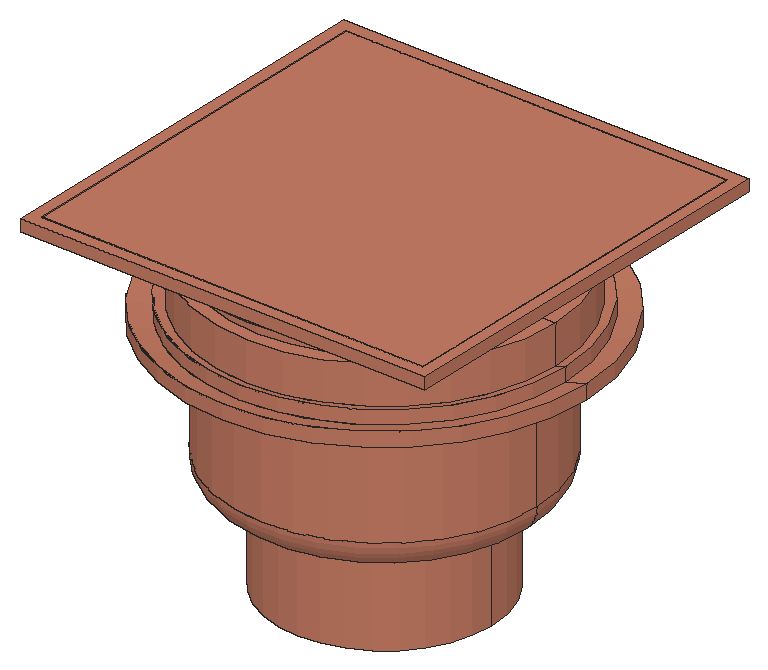
Revit family
Parameters (values of type "1470-04")
  Weight (lb) = 15.89
  Warranty = "1 year material and workmanship"  # constant formula
  URL = "http://www.jrsmith.com"
  Threaded = yes
  Technical and Installation = "http://www.jrsmith.com/products/roof/tech_data_index.htm"
  SmartBIM Object Version = 3  # constant formula
  SmartBIM Object Created By = "Reed Construction Data"  # constant formula
  Push On = yes
  Product URL = "http://www.jrsmith.com/products/roof/submittal/d1470.pdf"
  Pipe Radius = Pipe Diameter / 2  # 2"
  Pipe Diameter = 4"
  OmniClass Title = "Roof Drains"  # constant formula
  OmniClass Code = "22-22 14 26 13"  # constant formula
  No Hub = yes
  Model = "1470"  # constant formula
  Material Finish = Cast Iron
  Material = Duco coated
  Manufacturer = "Jay R. Smith Mfg. Co. "  # constant formula
  Free Area (in²) = "19"
  Description = "Duco cast iron body and flashing clamp with seepage openings and secured square hole light duty grate"  # constant formula
  Default Elevation = 0"
  Connection Type = ""
  Caulk = yes
  Assembly Code = "D2040200"
  95 CSI = "15165"  # constant formula
  04 CSI = "22 14 35"  # constant formula
Types (4): name | Weight (lb) | Pipe Radius | Pipe Diameter
  (no name) | 15.89 | 2" | 4"
  1470-02 | 15.49 | 1" | 2"
  1470-03 | 16.9 | 1 1/2" | 3"
  1470-04 | 15.89 | 2" | 4"
Reference planes (in)
  plane 1 "Center (Front/Back)": y = 0
  plane 2: z = 0
  plane 3 "Center (Left/Right)": x = 0
  plane 4: x = 4.25
  plane 5: z = 2.30316
  plane 6: z = 0.30316
  plane 7: z = -4.94061
Forms (in)
  Revolve 1, solid, material "Cast Iron" <- "Material Finish"
    sketch origin (0, 0, 0) x (1, 0, 0) y (0, 0, 1)
      loop
        line (2, -4.94061) -> (2.2604, -4.94061) -> (2.2604, -3.00879) -> (2.39533, -3.00879) -> (2.39533, -2.81496) -> (2, -2.81496) -> (2, -4.94061)
      axis (0, -2.81496) -> (0, -4.94061)
    angle from 0 to 360
  Revolve 2, solid, material "Cast Iron" <- "Material Finish"
    sketch origin (0, 0, 0) x (1, 0, 0) y (0, 0, 1)
      loop
        line (2.39533, -3.00879) -> (2.58351, -3.00879)
        arc (2.58351, -3.00879) -> (3.02545, -2.82573) -> (3.20851, -2.38379) r 0.625
        line (3.20851, -2.38379) -> (3.20851, -0.27625) -> (4.25, 0) -> (4.25, 0.30316) -> (3.81326, 0.18732) -> (3.81326, 0.46995) -> (3.61169, 0.41731) -> (3.61169, 1.22441) -> (3.33451, 1.22441) -> (3.33451, 1.56037) -> (3.61169, 1.56037) -> (3.61169, 1.76194) -> (3.70702, 1.76194)
        arc (3.70702, 1.76194) -> (3.9418, 1.84453) -> (4.07317, 2.05593) r 0.375
        line (4.07317, 2.05593) -> (3.87204, 2.05593) -> (3.46049, 2.05593) -> (3.25891, 1.80394) -> (3.19805, 1.80394)
        arc (3.19805, 1.80394) -> (3.05663, 1.74536) -> (2.99805, 1.60394) r 0.2
        line (2.99805, 1.60394) -> (2.99805, 0.61125) -> (2.94815, 0.61125) -> (2.94815, -2.26214)
        arc (2.94815, -2.26214) -> (2.78623, -2.65305) -> (2.39533, -2.81496) r 0.55282
        line (2.39533, -2.81496) -> (2.39533, -3.00879)
      axis (0, -3.00879) -> (0, 2.05593)
    angle from 0 to 360
  Extrusion 3, solid, material "Cast Iron" <- "Material Finish"
    sketch origin (0, 0, 0.30316) x (1, 0, 0) y (0, 1, 0)
      loop
        line (-4.25, 4.25) -> (-4.25, -4.25) -> (4.25, -4.25) -> (4.25, 4.25) -> (-4.25, 4.25)
      loop
        line (4, 4) -> (-4, 4) -> (-4, -4) -> (4, -4) -> (4, 4)
    from 1.75277 to 2
  Extrusion 4, solid, material "Duco coated" <- "Material"
    sketch origin (0, 0, 0.30316) x (1, 0, 0) y (0, 1, 0)
      loop
        line (-4, 4) -> (-4, -4) -> (4, -4) -> (4, 4) -> (-4, 4)
    from 1.75277 to 2
Lines and regions (in)
  symbolic lines
    curve 1: line (-4.25, 4.25, 0) -> (4.25, 4.25, 0)
    curve 2: line (-4.25, -4.25, 0) -> (-4.25, 4.25, 0)
    curve 3: line (4.25, -4.25, 0) -> (-4.25, -4.25, 0)
    curve 4: line (4.25, 4.25, 0) -> (4.25, -4.25, 0)
    curve 5: line (-4, 4, 0) -> (4, 4, 0)
    curve 6: line (-4, -4, 0) -> (-4, 4, 0)
    curve 7: line (4, -4, 0) -> (-4, -4, 0)
    curve 8: line (4, 4, 0) -> (4, -4, 0)
Dimensions and locks (in)
  locked: Revolve 1 sketch curve to Revolve 1 sketch curve at 0.2604
  "Pipe Radius": Revolve 1 sketch curve to plane 3 "Center (Left/Right)"
  plane 4 to plane 3 "Center (Left/Right)" = 4 1/4"
  plane 5 to plane 6 = 2"
  locked: plane 6 to plane 7 at 5.24378
  aligned and locked: Revolve 1 sketch curve to plane 3 "Center (Left/Right)"
  aligned and locked: plane 6 to Revolve 2
  aligned and locked: plane 5 to Extrusion 3
  aligned and locked: plane 7 to Revolve 1
  aligned and locked: Extrusion 4 to Revolve 2
  aligned and locked: Extrusion 3 to Revolve 2
Automatic sketch dimensions
  curve 3 to plane 3 "Center (Left/Right)" = 4 1/4"
  curve 1 to curve 6 = 1/4"
  plane 3 "Center (Left/Right)" to curve 5 = 4"
  curve 5 to curve 1 = 1/4"
  plane 1 "Center (Front/Back)" to curve 4 = 4 1/4"
  curve 2 to curve 7 = 1/4"
  curve 5 to plane 1 "Center (Front/Back)" = 4"
  curve 5 to curve 2 = 1/4"
  Revolve 1 sketch curve to Revolve 1 sketch curve = 0.13493"
  Revolve 1 sketch curve to level = 46.65555"
  Revolve 1 sketch curve to level = 4.94061"
  Revolve 1 sketch curve to Revolve 1 sketch curve = 1.93183"
  Revolve 1 sketch curve to Revolve 1 sketch curve = 0.19383"
  plane 5 to Revolve 1 sketch curve = 92.19003"
  Revolve 2 sketch curve to plane 3 "Center (Left/Right)" = 0"
  Revolve 2 sketch curve to level = 0"
  Revolve 2 sketch curve to plane 4 = 0"
  Revolve 2 sketch curve to plane 6 = 0"
  Revolve 2 sketch curve to plane 4 = 1.85467"
  Revolve 2 sketch curve to Revolve 2 sketch curve = 0.18818"
  Revolve 2 sketch curve to Revolve 2 sketch curve = 0.36465"
  Revolve 2 sketch curve to Revolve 2 sketch curve = 0.0499"
  Revolve 2 sketch curve to Revolve 2 sketch curve = 0.2"
  Revolve 2 sketch curve to level = 0.27625"
  Revolve 2 sketch curve to Revolve 2 sketch curve = 0.21046"
  Revolve 2 sketch curve to Revolve 2 sketch curve = 0.06087"
  Revolve 2 sketch curve to Revolve 2 sketch curve = 0.13647"
  Revolve 2 sketch curve to Revolve 2 sketch curve = 0.20157"  (x3)
  Revolve 2 sketch curve to Revolve 2 sketch curve = 0.1512"
  Revolve 2 sketch curve to plane 6 = 0.11415"
  Revolve 2 sketch curve to plane 4 = 0.63831"
  Revolve 2 sketch curve to Revolve 2 sketch curve = 0.24653"
  Revolve 2 sketch curve to Revolve 2 sketch curve = 0.16502"
  Revolve 2 sketch curve to plane 4 = 0.17683"
  Revolve 2 sketch curve to level = 1.20877"
  Revolve 2 sketch curve to Revolve 2 sketch curve = 1.98589"
  Revolve 2 sketch curve to Revolve 2 sketch curve = 0.12165"
  plane 6 to Revolve 2 sketch curve = 0.11584"
  Revolve 2 sketch curve to plane 6 = 0.16679"
  Revolve 2 sketch curve to plane 6 = 0.30809"
  Revolve 2 sketch curve to Revolve 2 sketch curve = 0.61316"
  Revolve 2 sketch curve to Revolve 2 sketch curve = 43/128"
  Revolve 2 sketch curve to Revolve 2 sketch curve = 0.04358"
  Revolve 2 sketch curve to plane 5 = 1.12223"
  Revolve 2 sketch curve to Revolve 2 sketch curve = 0.25198"
  Extrusion 3 sketch curve to plane 3 "Center (Left/Right)" = 4 1/4"
  Extrusion 3 sketch curve to Extrusion 3 sketch curve = 1/4"  (x4)
  plane 3 "Center (Left/Right)" to Extrusion 3 sketch curve = 4"
  plane 1 "Center (Front/Back)" to Extrusion 3 sketch curve = 4 1/4"
  Extrusion 3 sketch curve to plane 1 "Center (Front/Back)" = 4"
  Extrusion 4 sketch curve to plane 3 "Center (Left/Right)" = 4"
  plane 3 "Center (Left/Right)" to Extrusion 4 sketch curve = 4"
  plane 1 "Center (Front/Back)" to Extrusion 4 sketch curve = 4"
  Extrusion 4 sketch curve to plane 1 "Center (Front/Back)" = 4"
Connectors (in)
  piping at (0, 0, -4.94061), driven by "Pipe Radius"
    settings: on Revolve 1, index 1
